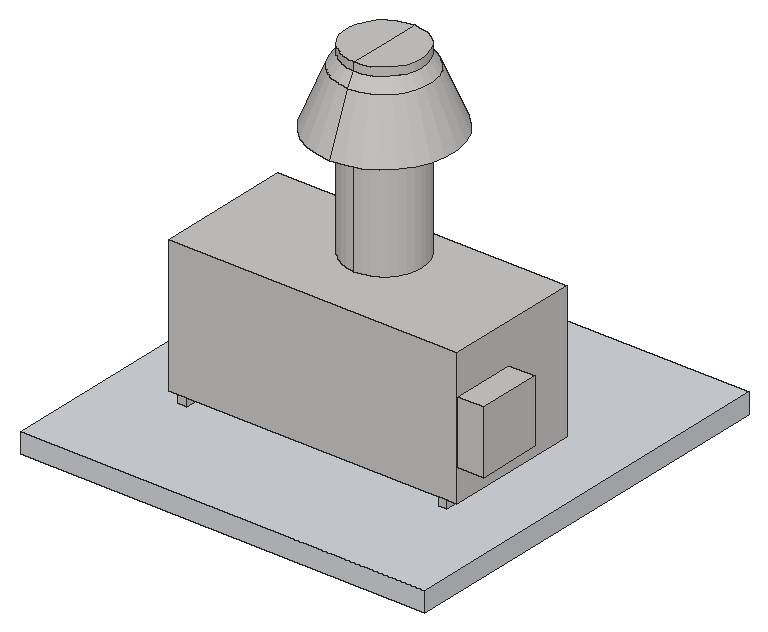
Revit family "DC_Rheem_PLM_Raypak_B1412ID", category Plumbing Fixtures, host Face, Revit 2017
Family settings
  Host = Face
  Round Connector Dimension = Use Radius
  Part Type = Normal
  Cut with Voids When Loaded = No
  Shared = No
  Room Calculation Point = No
Parameters
  Width_ANZRS = 825 mm
  URL = "http://www.rheem.com.au/downloads/PDF/Raypak_Mechanical_Heating_Brochure_July_09.pdf\r\n"
  Type Comments = "Recovery 4988L/h @ 50°C rise\r\n"
  Materials_ANZRS = Raypak - Grey Powder Coated Steel
  PRV_ANZRS = 15 mm
  Model = "B1414PCO/ID\r\n"
  Manufacturer = "Raypak"
  HotWaterOutletRadius_ANZRS = 32.5 mm
  HotWaterOutletDiameter_ANZRS = HotWaterOutletRadius_ANZRS * 2  # 65 mm
  Height_ANZRS = 1990 mm
  GasInletRadius_ANZRS = 16 mm
  GasInletHeight_ANZRS = 410 mm
  GasInletDiameter_ANZRS = GasInletRadius_ANZRS * 2  # 32 mm
  DesignBy_ANZRS = "Design Content ©"
  Description = "Raypak - Gas Water Heater- Indoor - 1296 MJ/h  Propane gas, On/Off gas control\r\n"
  Default Elevation = 0 mm
  ConnectionHeight_ANZRS = 755 mm
  ColdWaterInletRadius_ANZRS = 32.5 mm
  ColdWaterInletDiameter_ANZRS = ColdWaterInletRadius_ANZRS * 2  # 65 mm
  Box Height_ANZRS = 860 mm
  Author_ANZRS = "DM"
  Assembly Code = ""
Types (5, lengths in mm): name | URL | Type Comments | Model | GasInletRadius_ANZRS | GasInletDiameter_ANZRS | Description
  (no name) | "http://www.rheem.com.au/downloads/PDF/Raypak_Mechanical_Heating_Brochure_July_09.pdf\r\n" | "Recovery 4988L/h @ 50°C rise\r\n" | "B1414PCO/ID\r\n" | 16 | 32 | "Raypak - Gas Water Heater- Indoor - 1296 MJ/h  Propane gas, On/Off gas control\r\n"
  Raypak - Gas Water Heater- Indoor - 1412 MJ/h  Natural gas, modulating gas control | "http://www.rheem.com.au/CommercialProducts" | "Recovery 5418L/h @ 50°C rise\r\n" | "B1414NCM/ID\r\n" | 20 | 40 | "Raypak - Gas Water Heater- Indoor - 1412 MJ/h  Natural gas, modulating gas control"
  Raypak - Gas Water Heater- Indoor - 1412 MJ/h  Natural gas, On/Off gas control | "http://www.rheem.com.au/CommercialProducts" | "Recovery 5418L/h @ 50°C rise\r\n" | "B1414NCO/ID\r\n" | 20 | 40 | "Raypak - Gas Water Heater- Indoor - 1412 MJ/h  Natural gas, On/Off gas control\r\n"
  Raypak - Gas Water Heater- Indoor - 1296 MJ/h  Propane gas, modulating gas control | "http://www.rheem.com.au/CommercialProducts" | "Recovery 4988L/h @ 50°C rise\r\n" | "B1414PCM/ID\r\n" | 12.5 | 25 | "Raypak - Gas Water Heater- Indoor - 1296 MJ/h  Propane gas, modulating gas control\r\n"
  Raypak - Gas Water Heater- Indoor - 1296 MJ/h  Propane gas, On/Off gas control | "http://www.rheem.com.au/CommercialProducts" | "Recovery 4988L/h @ 50°C rise\r\n" | "B1414PCO/ID\r\n" | 16 | 32 | "Raypak - Gas Water Heater- Indoor - 1296 MJ/h  Propane gas, On/Off gas control\r\n"
Reference planes
  plane 1 "Center (Front/Back)": y = 0
  plane 2: z = 0
  plane 3 "Center (Left/Right)": x = 0
  plane 4 "H1": z = 1990
  plane 5 "H5": z = 860
  plane 6 "CD 1": z = 755
  plane 7 "CD 2": z = 410
  plane 8 "W1": y = 285
  plane 9 "W2": y = -540
  plane 10 "CD 6": y = 200
  plane 11 "CD 5": y = 130
  plane 12 "CD 4": y = -150
  plane 13 "CD 3": y = -410
  plane 14 "W4": y = 227.5
  plane 15 "W3": y = -227.5
  plane 16: x = -870
  plane 17: x = 870
  plane 18: x = -920
  plane 19: x = -810
  plane 20: x = -760
  plane 21: x = 760
  plane 22: x = 810
  plane 23 "H8": z = 45
  plane 24 "H7": z = 245
  plane 25 "H6": z = 625
  plane 26: x = 1030
  plane 27 "H4": z = 1539.364
  plane 28 "H3": z = 1869.164
  plane 29 "H2": z = 1941.464
  plane 30: y = -227.5
  plane 31: y = -155
Forms (mm)
  Extrusion 1, solid
    sketch origin (0, 0, 0) x (1, 0, 0) y (0, 1, 0)
      loop
        line (-1219.2, 1219.2) -> (-1219.2, -1219.2) -> (1219.2, -1219.2) -> (1219.2, 1219.2) -> (-1219.2, 1219.2)
    from 0 to -120
  Extrusion 2, solid, material "Raypak - Grey Powder Coated Steel" <- "Materials_ANZRS"
    sketch origin (0, 0, 0) x (1, 0, 0) y (0, 1, 0)
      loop
        line (-870, 285) -> (-870, -540) -> (870, -540) -> (870, 285) -> (-870, 285)
    from 45 to 860
  Revolve 3, solid, material "Raypak - Grey Powder Coated Steel" <- "Materials_ANZRS"
    sketch origin (0, 0, 105) x (0, 1, 0) y (0, 0, 1)
      loop
        line (0, 1885) -> (-227.5, 1885) -> (-227.5, 1836.464) -> (-276.845, 1764.164) -> (-410.093, 1434.364) -> (-227.5, 1434.364) -> (-227.5, 755) -> (0, 755) -> (0, 1885)
      axis (0, 1885) -> (0, 755)
    angle from 0 to 360
  Extrusion 4, void
    sketch origin (0, 0, 0) x (0, 1, 0) y (0, 0, 1)
      loop
        circle (200, 755) r 15
      loop
        circle (130, 755) r 32.5
      loop
        circle (-150, 755) r 32.5
    from -870 to -856.802
  Extrusion 5, solid, material "Raypak - Grey Powder Coated Steel" <- "Materials_ANZRS"
    sketch origin (0, 0, 0) x (0, 1, 0) y (0, 0, 1)
      loop
        circle (-410, 410) r 16
    from -920 to -870
  Extrusion 6, solid, material "Raypak - Grey Powder Coated Steel" <- "Materials_ANZRS"
    sketch origin (0, 0, 0) x (1, 0, 0) y (0, 0, 1)
      loop
        line (-760, 0) -> (-760, 45) -> (-810, 45) -> (-810, 0) -> (-760, 0)
      loop
        line (810, 0) -> (810, 45) -> (760, 45) -> (760, 0) -> (810, 0)
    from -285 to 540
  Extrusion 7, solid, material "Raypak - Grey Powder Coated Steel" <- "Materials_ANZRS"
    sketch origin (0, 0, 0) x (1, 0, 0) y (0, 0, 1)
      loop
        line (870, 625) -> (870, 245) -> (1030, 245) -> (1030, 625) -> (870, 625)
    from 155 to 540
Cuts and joins
  Extrusion 4 cuts Extrusion 2
Lines and regions (mm)
  Masking region 1
    outline origin (0, 0, 0) x (1, 0, 0) y (0, 1, 0)
      loop
        line (-870, -540) -> (870, -540) -> (1030, -540) -> (1030, -155) -> (870, -155) -> (870, 285) -> (294.875, 285)
        arc (294.875, 285) -> (160.156, 377.526) -> (0, 410.093) r 410.093
        arc (0, 410.093) -> (-160.156, 377.526) -> (-294.875, 285) r 410.093
        line (-294.875, 285) -> (-870, 285) -> (-870, -540)
  Masking region 2
    outline origin (0, 0, 0) x (1, 0, 0) y (0, 0, 1)
      loop
        line (-810, 0) -> (-760, 0) -> (-760, 45) -> (760, 45) -> (760, 0) -> (810, 0) -> (810, 45) -> (870, 45) -> (870, 245) -> (1030, 245) -> (1030, 625) -> (870, 625) -> (870, 860) -> (227.5, 860) -> (227.5, 1539.364) -> (410.093, 1539.364) -> (276.845, 1869.164) -> (227.5, 1941.464) -> (227.5, 1990) -> (0, 1990) -> (-227.5, 1990) -> (-227.5, 1941.464) -> (-276.845, 1869.164) -> (-410.093, 1539.364) -> (-227.5, 1539.364) -> (-227.5, 860) -> (-870, 860) -> (-870, 45) -> (-810, 45) -> (-810, 0)
  Masking region 3
    outline origin (0, 0, 0) x (0, 1, 0) y (0, 0, 1)
      loop
        line (-227.5, 1990) -> (-227.5, 1941.464) -> (-276.845, 1869.164) -> (-410.093, 1539.364) -> (-227.5, 1539.364) -> (-227.5, 860) -> (-540, 860) -> (-540, 0) -> (285, 0) -> (285, 860) -> (227.5, 860) -> (227.5, 1539.364) -> (410.093, 1539.364) -> (276.845, 1869.164) -> (227.5, 1941.464) -> (227.5, 1990) -> (-227.5, 1990)
  symbolic lines, style "Rheem Raypak", detail levels fine
    curve 1: line (0, 285, 0) -> (0, 285, 860)
    curve 2: line (0, 285, 860) -> (0, -540, 860)
    curve 3: line (0, -540, 860) -> (0, -540, 0)
    curve 4: arc (0, 97.5, 755) -> (0, 130, 722.5) -> (0, 162.5, 755) r 32.5
    curve 5: arc (0, 162.5, 755) -> (0, 130, 787.5) -> (0, 97.5, 755) r 32.5
    curve 6: arc (0, 185, 755) -> (0, 200, 740) -> (0, 215, 755) r 15
    curve 7: arc (0, 215, 755) -> (0, 200, 770) -> (0, 185, 755) r 15
    curve 8: arc (0, -182.5, 755) -> (0, -150, 722.5) -> (0, -117.5, 755) r 32.5
    curve 9: arc (0, -117.5, 755) -> (0, -150, 787.5) -> (0, -182.5, 755) r 32.5
    curve 10: arc (0, -394, 410) -> (0, -410, 394) -> (0, -426, 410) r 16
    curve 11: arc (0, -426, 410) -> (0, -410, 426) -> (0, -394, 410) r 16
    curve 12: line (0, -540, 45) -> (0, 285, 45)
    curve 13: line (0, -540, 0) -> (0, 285, 0)
    curve 14: line (-227.5, 0, 1990) -> (203.249, 0, 1990)
    curve 15: line (-227.5, 0, 1941.464) -> (227.5, 0, 1941.464)
    curve 16: line (-276.845, 0, 1869.164) -> (276.845, 0, 1869.164)
    curve 17: line (-410.093, 0, 1539.364) -> (410.093, 0, 1539.364)
    curve 18: line (870, 0, 860) -> (-870, 0, 860)
    curve 19: line (-870, 0, 45) -> (870, 0, 45)
    curve 20: line (760, 0, 0) -> (810, 0, 0)
    curve 21: line (-810, 0, 0) -> (-760, 0, 0)
    curve 22: line (1030, 0, 625) -> (870, 0, 625)
    curve 23: line (870, 0, 245) -> (1030, 0, 245)
    curve 24: line (1030, 0, 245) -> (1030, 0, 625)
    curve 25: line (227.5, 0, 1539.364) -> (227.5, 0, 860)
    curve 26: line (-227.5, 0, 1990) -> (-227.5, 0, 1941.464)
    curve 27: line (-410.093, 0, 1539.364) -> (-276.845, 0, 1869.164)
    curve 28: line (-227.5, 0, 1539.364) -> (-227.5, 0, 860)
    curve 29: line (-810, 0, 45) -> (-810, 0, 0)
    curve 30: line (-760, 0, 0) -> (-760, 0, 45)
    curve 31: line (810, 0, 0) -> (810, 0, 45)
    curve 32: line (760, 0, 45) -> (760, 0, 0)
    curve 33: line (-920, 0, 425) -> (-920, 0, 395)
    curve 34: line (-920, 0, 425) -> (-870, 0, 425)
    curve 35: line (-920, 0, 395) -> (-870, 0, 395)
    curve 36: arc (0, -410.093, 0) -> (410.093, 0, 0) -> (0, 410.093, 0) r 410.093
    curve 37: arc (0, 410.093, 0) -> (-410.093, 0, 0) -> (0, -410.093, 0) r 410.093
    curve 38: arc (0, -227.5, 0) -> (-227.5, 0, 0) -> (0, 227.5, 0) r 227.5
    curve 39: arc (0, -276.845, 0) -> (-276.845, 0, 0) -> (0, 276.845, 0) r 276.845
    curve 40: arc (0, 227.5, 0) -> (227.5, 0, 0) -> (0, -227.5, 0) r 227.5
    curve 41: arc (0, 276.845, 0) -> (276.845, 0, 0) -> (0, -276.845, 0) r 276.845
    curve 42: line (870, 285, 0) -> (294.875, 285, 0)
    curve 43: line (-870, 285, 0) -> (-870, -540, 0)
    curve 44: line (-870, -540, 0) -> (870, -540, 0)
    curve 45: line (870, -540, 0) -> (870, 285, 0)
    curve 46: line (1030, -540, 0) -> (1030, -155, 0)
    curve 47: line (1030, -155, 0) -> (870, -155, 0)
    curve 48: line (870, -540, 0) -> (1030, -540, 0)
    curve 49: line (-920, -395, 0) -> (-920, -425, 0)
    curve 50: line (-920, -395, 0) -> (-870, -395, 0)
    curve 51: line (-920, -425, 0) -> (-870, -425, 0)
    curve 52: line (0, 227.5, 1539.364) -> (0, 227.5, 860)
    curve 53: line (0, -227.5, 1539.364) -> (0, -227.5, 860)
    curve 54: line (-870, 0, 860) -> (-870, 0, 45)
    curve 55: line (870, 0, 45) -> (870, 0, 860)
    curve 56: line (-294.875, 285, 0) -> (-870, 285, 0)
    curve 57: line (-410.093, 0, 1539.364) -> (-276.845, 0, 1869.164)
    curve 58: line (-227.5, 0, 1941.464) -> (-276.845, 0, 1869.164)
    curve 59: line (-227.5, 0, 1941.464) -> (-227.5, 0, 1990)
    curve 60: line (227.5, 0, 1990) -> (227.5, 0, 1941.464)
    curve 61: line (227.5, 0, 1941.464) -> (276.845, 0, 1869.164)
    curve 62: line (227.5, 0, 1941.464) -> (227.5, 0, 1990)
    curve 63: line (410.093, 0, 1539.364) -> (276.845, 0, 1869.164)
    curve 64: line (0, 227.5, 1941.464) -> (0, -227.5, 1941.464)
    curve 65: line (0, 276.845, 1869.164) -> (0, -276.845, 1869.164)
    curve 66: line (0, -227.5, 1990) -> (0, 227.5, 1990)
    curve 67: line (0, -410.093, 1539.364) -> (0, 410.093, 1539.364)
    curve 68: line (0, 227.5, 1990) -> (0, 227.5, 1941.464)
    curve 69: line (0, -227.5, 1990) -> (0, -227.5, 1941.464)
    curve 70: line (0, 410.093, 1539.364) -> (0, 276.845, 1869.164)
    curve 71: line (0, 276.845, 1869.164) -> (0, 227.5, 1941.464)
    curve 72: line (0, -410.093, 1539.364) -> (0, -276.845, 1869.164)
    curve 73: line (0, -276.845, 1869.164) -> (0, -227.5, 1941.464)
Dimensions and locks
  "Height_ANZRS": plane 4 "H1" to level
  "Box Height_ANZRS": plane 5 "H5" to level
  "ConnectionHeight_ANZRS": plane 6 "CD 1" to Extrusion 1
  "GasInletHeight_ANZRS": plane 7 "CD 2" to level
  plane 8 "W1" to plane 9 "W2" = 825 mm
  plane 8 "W1" to plane 10 "CD 6" = 85 mm
  plane 8 "W1" to plane 11 "CD 5" = 155 mm
  plane 11 "CD 5" to plane 12 "CD 4" = 280 mm
  plane 13 "CD 3" to plane 9 "W2" = 130 mm
  plane 1 "Center (Front/Back)" to plane 9 "W2" = 540 mm
  locked: plane 19 to plane 16 at 60
  locked: plane 20 to plane 19 at 50
  locked: plane 17 to plane 22 at 60
  locked: plane 22 to plane 21 at 50
  plane 23 "H8" to level = 45 mm
  plane 24 "H7" to level = 245 mm
  plane 25 "H6" to plane 24 "H7" = 380 mm
  locked: plane 17 to plane 26 at 160
  plane 4 "H1" to plane 29 "H2" to plane 28 "H3" to plane 27 "H4" = 48.536 mm locked, 72.3 mm locked, 329.8 mm locked
  equal spacing: plane 17, plane 3 "Center (Left/Right)", plane 16
  plane 17 to plane 16 = 1740 mm
  equal spacing: plane 14 "W4", plane 1 "Center (Front/Back)", plane 15 "W3"
  plane 14 "W4" to plane 15 "W3" = 455 mm
  plane 1 "Center (Front/Back)" to plane 30 = 227.5 mm
  locked: plane 16 to plane 18 at 50
  "GasInletRadius_ANZRS": radius of Extrusion 5 sketch curve
  "HotWaterOutletRadius_ANZRS": radius of Extrusion 4 sketch curve
  "ColdWaterInletRadius_ANZRS": radius of Extrusion 4 sketch curve
  "PRV_ANZRS": radius of Extrusion 4 sketch curve
  aligned and locked: plane 2 to Extrusion 1
  aligned and locked: level to Extrusion 1
  aligned and locked: plane 8 "W1" to Extrusion 2 sketch curve
  aligned and locked: plane 16 to Extrusion 2 sketch curve
  aligned and locked: plane 9 "W2" to Extrusion 2 sketch curve
  aligned and locked: plane 17 to Extrusion 2 sketch curve
  aligned and locked: plane 5 "H5" to Extrusion 2
  aligned and locked: Revolve 3 sketch curve to plane 1 "Center (Front/Back)"
  aligned and locked: plane 11 "CD 5" to Extrusion 4 sketch curve
  aligned and locked: plane 10 "CD 6" to Extrusion 4 sketch curve
  aligned and locked: plane 6 "CD 1" to Extrusion 4 sketch curve  (x3)
  aligned and locked: Extrusion 4 to plane 16
  aligned and locked: plane 7 "CD 2" to Extrusion 5 sketch curve
  aligned and locked: plane 13 "CD 3" to Extrusion 5 sketch curve
  aligned and locked: plane 16 to Extrusion 5
  aligned and locked: Extrusion 5 to plane 18
  aligned and locked: Extrusion 2 to plane 23 "H8"
  aligned and locked: level to Extrusion 6 sketch curve  (x2)
  aligned and locked: Extrusion 6 sketch curve to plane 20
  aligned and locked: Extrusion 6 sketch curve to plane 23 "H8"  (x2)
  aligned and locked: plane 19 to Extrusion 6 sketch curve
  aligned and locked: Extrusion 6 sketch curve to plane 22
  aligned and locked: plane 21 to Extrusion 6 sketch curve
  aligned and locked: Extrusion 6 to plane 8 "W1"
  aligned and locked: Extrusion 6 to plane 9 "W2"
  aligned and locked: Extrusion 7 sketch curve to plane 25 "H6"
  aligned and locked: Extrusion 7 sketch curve to plane 26
  aligned and locked: Extrusion 7 sketch curve to plane 24 "H7"
  aligned and locked: cut or joined group of Extrusion 2, Extrusion 4 to Extrusion 7 sketch curve
  aligned and locked: Extrusion 7 to plane 9 "W2"
  aligned and locked: plane 12 "CD 4" to Extrusion 4 sketch curve
  aligned and locked: Revolve 3 sketch curve to plane 4 "H1"
  aligned and locked: plane 5 "H5" to Revolve 3 sketch curve
  aligned and locked: plane 27 "H4" to Revolve 3 sketch curve
  aligned and locked: curve 1 to cut or joined group of Extrusion 2, Extrusion 4
  aligned and locked: curve 2 to cut or joined group of Extrusion 2, Extrusion 4
  aligned and locked: curve 3 to cut or joined group of Extrusion 2, Extrusion 4
  aligned and locked: curve 4 to cut or joined group of Extrusion 2, Extrusion 4
  aligned and locked: curve 5 to cut or joined group of Extrusion 2, Extrusion 4
  aligned and locked: curve 6 to cut or joined group of Extrusion 2, Extrusion 4
  aligned and locked: curve 7 to cut or joined group of Extrusion 2, Extrusion 4
  aligned and locked: curve 8 to cut or joined group of Extrusion 2, Extrusion 4
  aligned and locked: curve 9 to cut or joined group of Extrusion 2, Extrusion 4
  aligned and locked: curve 10 to Extrusion 5
  aligned and locked: curve 11 to Extrusion 5
  aligned and locked: curve 12 to cut or joined group of Extrusion 2, Extrusion 4
  aligned and locked: curve 13 to Extrusion 6
  aligned and locked: curve 14 to Revolve 3
  aligned and locked: curve 15 to plane 29 "H2"
  aligned and locked: curve 16 to plane 28 "H3"
  aligned and locked: curve 17 to Revolve 3
  aligned and locked: curve 18 to cut or joined group of Extrusion 2, Extrusion 4
  aligned and locked: curve 19 to cut or joined group of Extrusion 2, Extrusion 4
  aligned and locked: curve 20 to Extrusion 6
  aligned and locked: curve 21 to Extrusion 6
  aligned and locked: curve 22 to Extrusion 7
  aligned and locked: curve 23 to Extrusion 7
  aligned and locked: curve 24 to Extrusion 7
  aligned and locked: plane 5 "H5" to curve 28
  aligned and locked: plane 27 "H4" to curve 28
  aligned and locked: curve 29 to Extrusion 6
  aligned and locked: curve 30 to Extrusion 6
  aligned and locked: curve 31 to Extrusion 6
  aligned and locked: curve 32 to Extrusion 6
  aligned and locked: Extrusion 5 to curve 33
  aligned and locked: curve 36 to Revolve 3
  aligned and locked: curve 37 to Revolve 3
  aligned and locked: curve 38 to Revolve 3
  aligned and locked: curve 39 to Revolve 3
  aligned and locked: curve 40 to Revolve 3
  aligned and locked: curve 41 to Revolve 3
  aligned and locked: curve 42 to cut or joined group of Extrusion 2, Extrusion 4
  aligned and locked: curve 43 to cut or joined group of Extrusion 2, Extrusion 4
  aligned and locked: curve 44 to cut or joined group of Extrusion 2, Extrusion 4
  aligned and locked: curve 45 to cut or joined group of Extrusion 2, Extrusion 4
  aligned and locked: curve 46 to Extrusion 7
  aligned and locked: curve 47 to Extrusion 7
  aligned and locked: curve 48 to Extrusion 7
  aligned and locked: Extrusion 5 to curve 49
  aligned and locked: plane 14 "W4" to curve 52
  aligned and locked: curve 53 to plane 15 "W3"
  aligned and locked: Masking region 1 sketch curve to curve 44
  aligned and locked: Masking region 1 sketch curve to curve 48
  aligned and locked: Masking region 1 sketch curve to curve 46
  aligned and locked: Masking region 1 sketch curve to curve 47
  aligned and locked: curve 45 to Masking region 1 sketch curve
  aligned and locked: Masking region 1 sketch curve to curve 42
  aligned and locked: Masking region 1 sketch curve to curve 37
  aligned and locked: Masking region 1 sketch curve to curve 36
  aligned and locked: Masking region 1 sketch curve to curve 56
  aligned and locked: Masking region 1 sketch curve to curve 43
  aligned and locked: plane 29 "H2" to Revolve 3 sketch curve
  aligned and locked: Revolve 3 sketch curve to plane 15 "W3"
  aligned and locked: plane 15 "W3" to Revolve 3 sketch curve
  aligned and locked: Masking region 2 sketch curve to Extrusion 6  (x6)
  aligned and locked: Masking region 2 sketch curve to cut or joined group of Extrusion 2, Extrusion 4  (x4)
  aligned and locked: Masking region 2 sketch curve to curve 28
  aligned and locked: Masking region 2 sketch curve to Revolve 3  (x3)
  aligned and locked: Masking region 2 sketch curve to curve 57
  aligned and locked: Masking region 2 sketch curve to curve 58
  aligned and locked: Masking region 2 sketch curve to curve 59
  aligned and locked: Revolve 3 to Masking region 2 sketch curve
  aligned and locked: Masking region 2 sketch curve to curve 63
  aligned and locked: Masking region 2 sketch curve to curve 61
  aligned and locked: Masking region 2 sketch curve to curve 62
  aligned and locked: Masking region 2 sketch curve to curve 25
  aligned and locked: Masking region 2 sketch curve to Extrusion 7  (x3)
  aligned and locked: Masking region 3 sketch curve to Revolve 3  (x2)
  aligned and locked: Masking region 3 sketch curve to curve 52
  aligned and locked: Masking region 3 sketch curve to cut or joined group of Extrusion 2, Extrusion 4  (x3)
  aligned and locked: Masking region 3 sketch curve to Extrusion 6
  aligned and locked: Masking region 3 sketch curve to curve 53
  aligned and locked: plane 31 to Extrusion 7
Automatic sketch dimensions
  Extrusion 1 sketch curve to Extrusion 1 sketch curve = 2438.4 mm  (x2)
  curve 49 to plane 18 = 0 mm
  curve 50 to plane 16 = 0 mm
  plane 8 "W1" to curve 56 = 0 mm
  plane 8 "W1" to curve 42 = 0 mm
  curve 42 to plane 17 = 0 mm
  plane 1 "Center (Front/Back)" to curve 47 = 155 mm
  curve 47 to plane 26 = 0 mm
  curve 45 to plane 9 "W2" = 0 mm
  plane 13 "CD 3" to curve 51 = 15 mm
  curve 50 to plane 13 "CD 3" = 15 mm
  curve 33 to plane 18 = 0 mm
  curve 34 to plane 16 = 0 mm
  curve 29 to plane 19 = 0 mm
  curve 30 to plane 20 = 0 mm
  curve 26 to plane 4 "H1" = 0 mm
  curve 60 to plane 4 "H1" = 0 mm
  curve 62 to plane 4 "H1" = 0 mm
  curve 32 to level = 0 mm
  curve 32 to plane 21 = 0 mm
  curve 31 to plane 22 = 0 mm
  plane 17 to curve 55 = 0 mm
  curve 24 to plane 24 "H7" = 0 mm
  curve 24 to plane 26 = 0 mm
  curve 29 to level = 0 mm
  curve 31 to plane 23 "H8" = 0 mm
  curve 24 to plane 25 "H6" = 0 mm
  plane 20 to curve 17 = 349.907 mm
  curve 16 to curve 26 = 49.345 mm
  curve 17 to curve 28 = 182.593 mm
  plane 3 "Center (Left/Right)" to curve 15 = 227.5 mm
  curve 14 to curve 15 = 24.251 mm
  curve 60 to curve 16 = 49.345 mm
  curve 25 to curve 63 = 182.593 mm
  curve 35 to plane 7 "CD 2" = 15 mm
  plane 7 "CD 2" to curve 34 = 15 mm
  Revolve 3 sketch curve to plane 28 "H3" = 0 mm
  Revolve 3 sketch curve to plane 1 "Center (Front/Back)" = 0 mm
  Revolve 3 sketch curve to plane 15 "W3" = 49.345 mm
  plane 13 "CD 3" to Revolve 3 sketch curve = 0.093 mm
  Revolve 3 sketch curve to Revolve 3 sketch curve = 310 mm
  Revolve 3 sketch curve to Revolve 3 sketch curve = 130 mm
  Masking region 1 sketch curve to plane 17 = 0 mm
  Masking region 2 sketch curve to plane 3 "Center (Left/Right)" = 0 mm
  plane 17 to Masking region 2 sketch curve = 0 mm
  Masking region 2 sketch curve to plane 23 "H8" = 0 mm  (x2)
  Masking region 2 sketch curve to plane 5 "H5" = 0 mm
  curve 13 to level = 0 mm
  curve 13 to plane 9 "W2" = 0 mm
  curve 71 to plane 28 "H3" = 0 mm
  curve 1 to plane 5 "H5" = 0 mm
  curve 1 to plane 8 "W1" = 0 mm
  plane 13 "CD 3" to curve 67 = 0.093 mm
  curve 73 to plane 15 "W3" = 49.345 mm
  plane 8 "W1" to curve 71 = 8.155 mm
  curve 67 to plane 8 "W1" = 125.093 mm
  Masking region 3 sketch curve to plane 5 "H5" = 0 mm
  Masking region 3 sketch curve to plane 27 "H4" = 0 mm
  curve 68 to plane 4 "H1" = 0 mm
  curve 70 to plane 27 "H4" = 0 mm
  curve 71 to plane 29 "H2" = 0 mm
  curve 64 to plane 15 "W3" = 0 mm
  curve 66 to plane 14 "W4" = 0 mm
  curve 53 to plane 27 "H4" = 0 mm
  curve 52 to plane 27 "H4" = 0 mm
  Masking region 3 sketch curve to plane 28 "H3" = 0 mm  (x2)
  Masking region 3 sketch curve to plane 15 "W3" = 0 mm
  Masking region 3 sketch curve to plane 14 "W4" = 0 mm
  Masking region 3 sketch curve to plane 29 "H2" = 0 mm  (x2)
  plane 13 "CD 3" to Masking region 3 sketch curve = 0.093 mm
  Masking region 3 sketch curve to plane 15 "W3" = 49.345 mm
  plane 8 "W1" to Masking region 3 sketch curve = 8.155 mm
  Masking region 3 sketch curve to plane 8 "W1" = 125.093 mm
  curve 57 to plane 3 "Center (Left/Right)" = 276.845 mm
  plane 3 "Center (Left/Right)" to curve 25 = 227.5 mm
Connectors
  piping at (-920, -410, 410), diameter 32, driven by "GasInletRadius_ANZRS"
    settings: on Extrusion 5, index 3, connector inside diameter 1.25984", connector length 0 mm, flow factor 0, pipe flow 0 GPM, pressure drop 0.00 psi, fitting loss kfactor 0, connector angle 0.00°, fixture units 0, engagement length 0 mm, angle of deflection 0.00°, flow configuration 1, flow direction 1, fitting loss method 0, system type 22, joint type 0, gender type 0, connector reference index -1, connector utility 0, adjustable connector no, is connector primary yes, connector description "Gas"
  piping at (-870, -150, 755), diameter 65, driven by "ColdWaterInletRadius_ANZRS"
    settings: on cut or joined group of Extrusion 2, Extrusion 4, index 4, connector inside diameter 2.55906", connector length 0 mm, flow factor 0, pipe flow 0 GPM, pressure drop 0.00 psi, fitting loss kfactor 0, connector angle 0.00°, fixture units 0, engagement length 0 mm, angle of deflection 0.00°, flow configuration 1, flow direction 1, fitting loss method 0, system type 20, joint type 0, gender type 0, connector reference index -1, connector utility 0, adjustable connector no, is connector primary no, connector description ""
  piping at (-870, 130, 755), diameter 65, driven by "HotWaterOutletRadius_ANZRS"
    settings: on cut or joined group of Extrusion 2, Extrusion 4, index 5, connector inside diameter 2.55906", connector length 0 mm, flow factor 0, pipe flow 0 GPM, pressure drop 0.00 psi, fitting loss kfactor 0, connector angle 0.00°, fixture units 0, engagement length 0 mm, angle of deflection 0.00°, flow configuration 1, flow direction 2, fitting loss method 0, system type 19, joint type 0, gender type 0, connector reference index -1, connector utility 0, adjustable connector no, is connector primary no, connector description ""
  piping at (-870, 200, 755), diameter 30
    settings: on cut or joined group of Extrusion 2, Extrusion 4, index 6, connector inside diameter 1.1811", connector length 0 mm, flow factor 0, pipe flow 0 GPM, pressure drop 0.00 psi, fitting loss kfactor 0, connector angle 0.00°, fixture units 0, engagement length 0 mm, angle of deflection 0.00°, flow configuration 1, flow direction 2, fitting loss method 0, system type 22, joint type 0, gender type 0, connector reference index -1, connector utility 0, adjustable connector no, is connector primary no, connector description "PRV"
